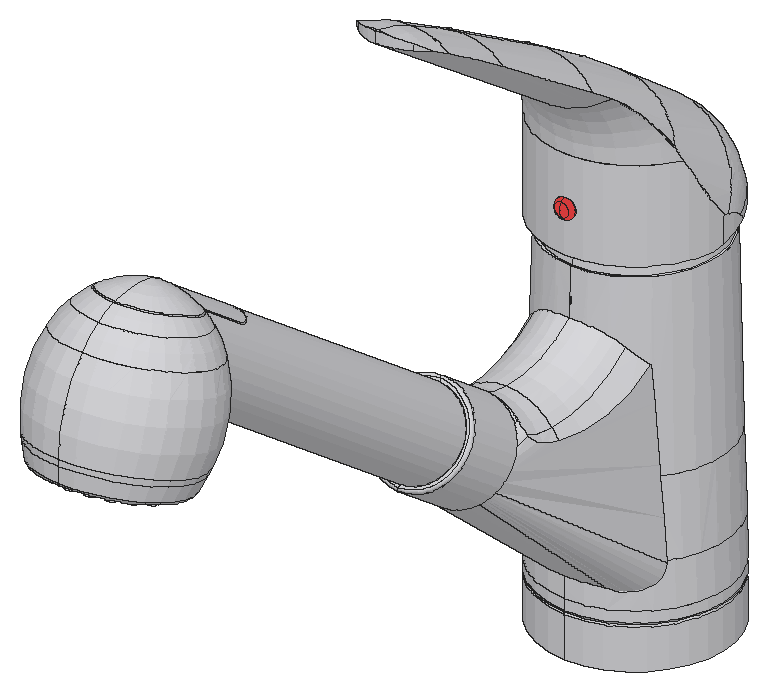
Revit family "Faucet-Kitchen-KOHLER-SOLEO-K-8691T", category Plumbing Fixtures, host Face, Revit 2017
Family settings
  Host = Face
  Round Connector Dimension = Use Diameter
  Part Type = Normal
  OmniClass Number = 23.31.11.00
  OmniClass Title = Faucets
  Cut with Voids When Loaded = No
  Shared = No
  Room Calculation Point = No
Parameters (values of type "CP-Polished Chrome")
  Width = 2 83/256"  # constant formula
  WaterSense Certified = 1 = 0  # no
  Waste Water Outlet = "Waste Water Outlet"  # constant formula
  Waste Connection = 1 = 0  # no
  Vent Connection = 1 = 0  # no
  URL = "http://www.kohler.com.cn/"
  Type = 1
  Spout Reach = 8 167/256"  # constant formula
  Product Page URL = ""
  Product Name = "SOLEO"  # constant formula
  Product Documentation Link = ""
  Pressure = 90.00 psi  # constant formula
  Model = "K-8691T-B-CP"  # constant formula
  Material = "Premium Metal Construction"  # constant formula
  Master Format 2014 Name = "Residential Faucets, Supplies, and Trim"  # constant formula
  Master Format 2014 = "22 41 39"  # constant formula
  Manufacturer Address = "Kohler Beijing Office (100016) 36-2-03-B, No. 88, Liuxiang Road, Beijing"  # constant formula
  Manufacturer = "KOHLER Co."  # constant formula
  Length = Spout Reach  # 8 167/256"
  Hot Water Inlet = "Hot Water Inlet"  # constant formula
  Height = 8 25/32"  # constant formula
  Handle Clearance = 4 1/4"  # constant formula
  HW Connection = 1 = 1  # yes
  Flow Rate = 4.3 GPM  # constant formula
  Finish = Kohler-Metal-CP-Polished_Chrome
  Environmental Product Declaration = ""
  Drain Included = 1 = 0  # no
  Description = "KITCHEN FAUCET W/PULL-OUT SPRAY"  # constant formula
  Default Elevation = 36"
  Declare Label = ""
  Date Modified = "09/06/2021"  # constant formula
  Date Created = "09/06/2021"  # constant formula
  Copyright = "Copyright KOHLER Co."  # constant formula
  Contact Us = "http://www.kohler.com.cn/contact/contact-us/"
  Cold Water Inlet = "Cold Water Inlet"  # constant formula
  CW Connection = 1 = 1  # yes
  Assembly Code = "D2010"
  ADA Compliant = 1 = 0  # no
Reference planes (in)
  plane 1 "Center (Front/Back)": y = 0
  plane 2: z = 0
  plane 3 "Center (Left/Right)": x = 0
  plane 4: x = -1.16142
  plane 5: x = -0.57823
  plane 6: x = 0.57823
  plane 7: x = 1.1628
  plane 8: y = 1.16142
  plane 9: y = -1.16142
  plane 10: y = -4.25
  plane 11: y = -8.65234
  plane 12: y = -9.50787
  plane 13: z = 8.78125
  plane 14: z = 7.51969
  plane 15: through (0, -30.12433, 22.33149) normal (0, -0.5736, -0.8192)
  plane 16: z = 5.3937
  plane 17: through (0, -1.55992, 28.59031) normal (0, -0.9563, 0.2924)
  plane 18: through (0, 13.84652, 28.59031) normal (0, -0.8192, 0.5736)
Dimensions and locks (in)
  "Width": plane 4 to plane 7
  "Handle Clearance": plane 10 to plane 1 "Center (Front/Back)"
  "Height": plane 13 to level
  "Spout Reach": plane 1 "Center (Front/Back)" to plane 11
  plane 16 to level = 5.3937"
  plane 8 to plane 9 = 2.32283"
  plane 14 to level = 7.51969"
  aligned and locked: plane 2 to host face
  aligned and locked: level to host face
Automatic sketch dimensions
  host sketch curve to host sketch curve = 96"  (x2)
Nested families (in)
  nested 1: "K-8691T" at (0, 0, 0), type "K-8691T"
Connectors (in)
  piping at (-0.57823, 0, 0), diameter 0.5, driven by "Flow Rate", driven by "Pressure", driven by "HW Connection", driven by "Hot Water Inlet"
    settings: on nested 1, index 1, connector inside diameter 24", connector length 0", flow factor 0, pipe flow 4.3 GPM, pressure drop 90.00 psi, fitting loss kfactor 0, connector angle 0.00°, fixture units 0, engagement length 0", angle of deflection 0.00°, flow configuration 1, flow direction 1, fitting loss method 4, system type 19, joint type 0, gender type 0, connector reference index -1, connector utility 1, adjustable connector no, is connector primary yes, connector description "Hot Water Inlet"
  piping at (0.57823, 0, 0), diameter 0.5, driven by "Flow Rate", driven by "Pressure", driven by "CW Connection", driven by "Cold Water Inlet"
    settings: on nested 1, index 2, connector inside diameter 24", connector length 0", flow factor 0, pipe flow 4.3 GPM, pressure drop 90.00 psi, fitting loss kfactor 0, connector angle 0.00°, fixture units 0, engagement length 0", angle of deflection 0.00°, flow configuration 1, flow direction 1, fitting loss method 4, system type 20, joint type 0, gender type 0, connector reference index -1, connector utility 1, adjustable connector no, is connector primary no, connector description "Cold Water Inlet"
Definition of nested family "K-8691T"
  Parameters (values of type "K-8691T")
    Material = none
  Reference planes (in)
    plane 1 "Center (Front/Back)": y = 0
    plane 2: z = 0
    plane 3 "Center (Left/Right)": x = 0
    plane 4: z = 8.77953
    plane 5: x = -1.16142
    plane 6: x = 1.16142
    plane 7: y = 1.16142
    plane 8: y = -1.16142
    plane 9: z = 7.51969
    plane 10: z = 5.3937
    plane 11: y = -9.50787
    plane 12: y = -8.65183
    plane 13 "A": through (0, -3.8939, 3.25436) normal (0, 0.8192, -0.5736)
    plane 14: through (0, -3.56013, 3.73104) normal (0, 0.5736, 0.8192)
    plane 15: through (0, -8.65183, 5.3937) normal (0, 0.9563, -0.2924)
    plane 16 "B": through (0, -8.23185, 5.2653) normal (0, 0.2924, 0.9563)
    plane 17: y = -4.24806
    plane 18: z = 7.13971
    plane 19: x = -0.57823
    plane 20: x = 0.57823
  Forms (in)
    Revolve 1, solid, material <- "Material", detail levels medium+fine
      sketch origin (0, 0, 0) x (0, 1, 0) y (0, 0, 1)
        loop
          line (0, 5.23335) -> (0, 0) -> (1.16142, 0) -> (1.16142, 0.52758)
          arc (1.16142, 0.52758) -> (1.1545, 0.54427) -> (1.13781, 0.55118) r 0.0236
          arc (1.13781, 0.55118) -> (1.1545, 0.55809) -> (1.16142, 0.57479) r 0.0236
          line (1.16142, 0.57479) -> (1.16142, 0.71522)
          arc (1.16142, 0.71522) -> (1.15804, 0.9969) -> (1.14791, 1.27842) r 11.74604
          arc (1.14791, 1.27842) -> (1.12888, 1.77571) -> (1.11952, 2.27327) r 25.60573
          arc (1.11952, 2.27327) -> (1.10007, 3.43857) -> (1.06293, 4.60343) r 76.76033
          line (1.06293, 4.60343) -> (1.03047, 4.60343)
          arc (1.03047, 4.60343) -> (0.95244, 4.94521) -> (0.75277, 5.23335) r 0.92452
          line (0.75277, 5.23335) -> (0, 5.23335)
        axis (0, 5.23335) -> (0, 0)
      angle from 0 to 360
    Revolve 2, solid, material <- "Material", detail levels medium+fine
      sketch origin (0, 0, 0) x (0, 1, 0) y (0, 0, 1)
        loop
          line (-2.83549, 3.22364) -> (-2.4687, 3.74747) -> (-3.16209, 4.23299)
          arc (-3.16209, 4.23299) -> (-3.19059, 4.23931) -> (-3.21522, 4.22362) r 0.03815
          line (-3.21522, 4.22362) -> (-3.24735, 4.17774)
          arc (-3.24735, 4.17774) -> (-3.24383, 4.19359) -> (-3.25256, 4.20729) r 0.02122
          line (-3.25256, 4.20729) -> (-7.77226, 7.37201)
          arc (-7.77226, 7.37201) -> (-7.88822, 7.39772) -> (-7.9884, 7.3339) r 0.15519
          line (-7.9884, 7.3339) -> (-8.22434, 6.99695) -> (-2.83549, 3.22364)
        axis (-2.83549, 3.22364) -> (-8.22434, 6.99695)
      angle from 0 to 360
    Revolve 3, solid, material <- "Material", detail levels medium+fine
      sketch origin (0, 0, 0) x (0, 1, 0) y (0, 0, 1)
        loop
          line (-8.64323, 5.42183) -> (-8.00539, 7.50813)
          arc (-8.00539, 7.50813) -> (-8.4389, 7.51314) -> (-8.8419, 7.35328) r 1.12098
          arc (-8.8419, 7.35328) -> (-8.98656, 7.24381) -> (-9.11309, 7.1138) r 1.20137
          arc (-9.11309, 7.1138) -> (-9.40613, 6.60459) -> (-9.50787, 6.02596) r 1.69617
          line (-9.50787, 6.02596) -> (-9.50787, 5.94671)
          arc (-9.50787, 5.94671) -> (-9.5052, 5.83949) -> (-9.4972, 5.73253) r 2.15465
          arc (-9.4972, 5.73253) -> (-9.48784, 5.70997) -> (-9.46755, 5.69637) r 0.0422
          line (-9.46755, 5.69637) -> (-9.38912, 5.67239) -> (-9.37768, 5.70981)
          arc (-9.37768, 5.70981) -> (-9.36621, 5.72372) -> (-9.34826, 5.72545) r 0.02356
          line (-9.34826, 5.72545) -> (-9.02046, 5.62523) -> (-9.03627, 5.57352)
          arc (-9.03627, 5.57352) -> (-9.03406, 5.55055) -> (-9.01625, 5.53587) r 0.03015
          line (-9.01625, 5.53587) -> (-8.64323, 5.42183)
        axis (-8.64323, 5.42183) -> (-8.00539, 7.50813)
      angle from 0 to 360
    Blend 4, solid, material <- "Material", detail levels medium+fine
      base sketch origin (0, -4.1419, 2.90019) x (0, -0.573576, -0.819152) y (-1, 0, 0)
        loop
          arc (-1.44526, 0.47244) -> (-1.65376, 0) -> (-1.44526, -0.47244) r 0.63949
          arc (-1.44526, -0.47244) -> (-1.34085, -0.54981) -> (-1.22296, -0.60448) r 0.63949
          arc (-1.22296, -0.60448) -> (-0.96604, -0.63766) -> (-0.71704, -0.56621) r 0.63949
          arc (-0.71704, -0.56621) -> (-0.61864, -0.50241) -> (-0.53355, -0.42171) r 0.63949
          arc (-0.53355, -0.42171) -> (-0.3748, 0.00177) -> (-0.53588, 0.42436) r 0.63949
          arc (-0.53588, 0.42436) -> (-0.62003, 0.5035) -> (-0.71704, 0.56621) r 0.63949
          arc (-0.71704, 0.56621) -> (-0.96604, 0.63766) -> (-1.22296, 0.60448) r 0.63949
          arc (-1.22296, 0.60448) -> (-1.34085, 0.54981) -> (-1.44526, 0.47244) r 0.63949
      top sketch origin (0, -4.1419, 2.90019) x (0, -0.573576, -0.819152) y (-1, 0, 0)
        loop
          arc (-6.4512, 1.06299) -> (-6.86878, 0.89002) -> (-7.04175, 0.47244) r 0.59055
          line (-7.04175, 0.47244) -> (-7.04175, -0.47244)
          arc (-7.04175, -0.47244) -> (-6.86878, -0.89002) -> (-6.4512, -1.06299) r 0.59055
          line (-6.4512, -1.06299) -> (-0.63108, -1.06299)
          arc (-0.63108, -1.06299) -> (-0.21349, -0.89002) -> (-0.04053, -0.47244) r 0.59055
          line (-0.04053, -0.47244) -> (-0.04053, 0.47244)
          arc (-0.04053, 0.47244) -> (-0.21349, 0.89002) -> (-0.63108, 1.06299) r 0.59055
          line (-0.63108, 1.06299) -> (-6.4512, 1.06299)
      from 0.88462 to 4.7551
    Extrusion 5, void
      sketch origin (0, 0, 0) x (0, 1, 0) y (0, 0, 1)
        loop
          line (0, 6.92774) -> (0, 0) -> (4.91251, 0) -> (4.91251, 6.92774) -> (0, 6.92774)
      from -2.32804 to 2.0403
    Sweep 6, void
      path origin (0, 0, 0) x (0, 1, 0) y (0, 0, 1)
        loop
          arc (-0.65309, 4.60343) -> (-1.2348, 3.89255) -> (-2.12136, 3.65225) r 1.50479
          arc (-2.12136, 3.65225) -> (-2.368, 3.69887) -> (-2.59185, 3.81244) r 0.89088
          line (-2.59185, 3.81244) -> (-3.17108, 4.21802)
      profile origin (0, -2.88147, 4.01523) x (0, -0.573576, -0.819152) y (1, 0, 0)
        loop
          arc (0.64959, -0.86859) -> (0.45823, -0.74348) -> (0.27814, -0.60264) r 2.70301
          arc (0.27814, -0.60264) -> (0.07289, -0.33186) -> (0, 0) r 0.79193
          arc (0, 0) -> (0.07289, 0.33186) -> (0.27814, 0.60264) r 0.79193
          arc (0.27814, 0.60264) -> (0.45823, 0.74348) -> (0.64959, 0.86859) r 2.70301
          line (0.64959, 0.86859) -> (-0.29116, 0.86859) -> (-0.29116, 0) -> (-0.29116, -0.86859) -> (0.64959, -0.86859)
    Extrusion 7, solid, detail levels medium+fine
      sketch origin (0, 0.76849, 2.51362) x (0, 0.956305, -0.292372) y (-1, 0, 0)
        loop
          circle (-10.55075, 0) r 0.05705
        loop
          circle (-10.40414, 0.09241) r 0.05705
        loop
          circle (-10.50685, 0.22587) r 0.05705
        loop
          circle (-10.34233, 0.26996) r 0.05705
        loop
          circle (-10.41159, 0.42553) r 0.05705
        loop
          circle (-10.23575, 0.41938) r 0.05705
        loop
          circle (-10.23575, 0.58462) r 0.05705
        loop
          circle (-10.08576, 0.52402) r 0.05705
        loop
          circle (-10.04526, 0.68646) r 0.05705
        loop
          circle (-9.91443, 0.56438) r 0.05705
        loop
          circle (-9.78971, 0.69505) r 0.05705
        loop
          circle (-9.74555, 0.53002) r 0.05705
        loop
          circle (-9.60432, 0.63565) r 0.05705
        loop
          circle (-9.5612, 0.48701) r 0.05705
        loop
          circle (-9.40759, 0.54238) r 0.05705
        loop
          circle (-9.40759, 0.37443) r 0.05705
        loop
          circle (-9.2424, 0.37443) r 0.05705
        loop
          circle (-9.30612, 0.212) r 0.05705
        loop
          circle (-9.15372, 0.14423) r 0.05705
        loop
          circle (-9.26835, -0.00895) r 0.05705
        loop
          circle (-10.40414, -0.09241) r 0.05705
        loop
          circle (-10.50685, -0.22587) r 0.05705
        loop
          circle (-10.34233, -0.26996) r 0.05705
        loop
          circle (-10.41159, -0.42553) r 0.05705
        loop
          circle (-10.23575, -0.41938) r 0.05705
        loop
          circle (-10.23575, -0.58462) r 0.05705
        loop
          circle (-10.08576, -0.52402) r 0.05705
        loop
          circle (-10.04526, -0.68646) r 0.05705
        loop
          circle (-9.91443, -0.56438) r 0.05705
        loop
          circle (-9.78971, -0.69505) r 0.05705
        loop
          circle (-9.74555, -0.53002) r 0.05705
        loop
          circle (-9.60432, -0.63565) r 0.05705
        loop
          circle (-9.5612, -0.48701) r 0.05705
        loop
          circle (-9.40759, -0.54238) r 0.05705
        loop
          circle (-9.40759, -0.37443) r 0.05705
        loop
          circle (-9.2424, -0.37443) r 0.05705
        loop
          circle (-9.30612, -0.212) r 0.05705
        loop
          circle (-9.15372, -0.13192) r 0.05705
      from 0 to 0.14495
    Sweep 8, solid, material <- "Material", detail levels medium+fine
      path origin (0, 0, 0) x (0, 1, 0) y (0, 0, 1)
        loop
          line (-1.16142, 4.7806) -> (-1.16142, 5.97354)
          arc (-1.16142, 5.97354) -> (-1.25966, 6.40218) -> (-1.53478, 6.74526) r 0.98425
          arc (-1.53478, 6.74526) -> (-3.42166, 8.10379) -> (-5.42439, 9.28489) r 25.51323
      profile origin (0, -1.16142, 5.37707) x (0, -1, 0) y (1, 0, 0)
        loop
          circle (-1.16142, 0) r 1.16142
    Sweep 9, void
      path origin (0, 0, 0) x (0, 1, 0) y (0, 0, 1)
        loop
          arc (-4.71162, 8.82667) -> (-4.47866, 8.81467) -> (-4.24806, 8.77953) r 2.33936
          arc (-4.24806, 8.77953) -> (-3.96296, 8.70238) -> (-3.68985, 8.58992) r 2.33936
          arc (-3.68985, 8.58992) -> (-3.26857, 8.37434) -> (-2.85588, 8.14274) r 12.32371
          arc (-2.85588, 8.14274) -> (-2.18018, 7.75271) -> (-1.49903, 7.37228) r 55.09317
          arc (-1.49903, 7.37228) -> (-0.86548, 6.99578) -> (-0.25891, 6.5772) r 10.86443
          arc (-0.25891, 6.5772) -> (0.18727, 6.24864) -> (0.63558, 5.92298) r 85.49734
          arc (0.63558, 5.92298) -> (0.96555, 5.55886) -> (1.11879, 5.09198) r 1.1811
          arc (1.11879, 5.09198) -> (1.12861, 4.97055) -> (1.13189, 4.84877) r 2.26496
          line (1.13189, 4.84877) -> (1.13189, 4.63536)
      profile origin (0, 1.13189, 4.74206) x (1, 0, 0) y (0, 1, 0)
        loop
          arc (-1.17442, -1.13189) -> (-0.8176, -0.32518) -> (0, 0.00592) r 1.175
          arc (0, 0.00592) -> (0.8176, -0.32518) -> (1.17442, -1.13189) r 1.175
          line (1.17442, -1.13189) -> (1.17442, 0.15786) -> (-1.17442, 0.15786) -> (-1.17442, -1.13189)
    Extrusion 10, void
      sketch origin (0, 0, 0) x (0, 1, 0) y (0, 0, 1)
        loop
          arc (-3.66164, 8.64776) -> (-3.23816, 8.43105) -> (-2.82331, 8.19825) r 12.38807
          arc (-2.82331, 8.19825) -> (-2.1484, 7.80867) -> (-1.46805, 7.42869) r 55.02881
          arc (-1.46805, 7.42869) -> (-0.83075, 7.04996) -> (-0.22059, 6.6289) r 10.92878
          arc (-0.22059, 6.6289) -> (0.22527, 6.30059) -> (0.67323, 5.97517) r 85.43299
          arc (0.67323, 5.97517) -> (0.96361, 5.68112) -> (1.14179, 5.30825) r 1.24546
          line (1.14179, 5.30825) -> (1.45329, 5.11276) -> (0.99113, 8.87671) -> (-4.87479, 11.73772) -> (-5.85912, 9.71954) -> (-3.66164, 8.64776)
      from -1.46946 to 1.4685
    Extrusion 11, void
      sketch origin (0, 0, 0) x (1, 0, 0) y (0, 1, 0)
        loop
          arc (-0.37216, -4.1159) -> (-0.59675, -3.82327) -> (-0.74612, -3.48599) r 1.55555
          line (-0.74612, -3.48599) -> (-0.84455, -3.48599) -> (-0.84455, -5.62674) -> (0.84455, -5.62674) -> (0.84455, -3.48599) -> (0.74612, -3.48599)
          arc (0.74612, -3.48599) -> (0.59675, -3.82327) -> (0.37216, -4.1159) r 1.55555
          arc (0.37216, -4.1159) -> (0.20192, -4.23187) -> (0, -4.27266) r 0.52014
          arc (0, -4.27266) -> (-0.20192, -4.23187) -> (-0.37216, -4.1159) r 0.52014
      from 7.8956 to 9.84252
    Extrusion 12, void
      sketch origin (0, 0, 0) x (0, 1, 0) y (0, 0, 1)
        loop
          line (1.16142, 5.05989) -> (-0.18736, 4.7732) -> (1.16142, 4.7732) -> (1.16142, 5.05989)
      from -1.73228 to 1.73228
    Revolve 13, void
      sketch origin (0, 0, 0) x (0, 1, 0) y (0, 0, 1)
        loop
          line (-1.04723, 5.33178) -> (-1.04723, 5.46095) -> (-1.26605, 5.46095) -> (-1.26605, 5.33178) -> (-1.04723, 5.33178)
        axis (-1.04723, 5.33178) -> (-1.26605, 5.33178)
      angle from 0 to 360
    Revolve 14, solid, detail levels medium+fine
      sketch origin (0, 0, 0) x (0, 1, 0) y (0, 0, 1)
        loop
          line (-1.04723, 5.33178) -> (-1.04723, 5.46095) -> (-1.15748, 5.46095)
          arc (-1.15748, 5.46095) -> (-1.19234, 5.45173) -> (-1.21807, 5.42648) r 0.07048
          arc (-1.21807, 5.42648) -> (-1.23746, 5.38088) -> (-1.24408, 5.33178) r 0.18539
          line (-1.24408, 5.33178) -> (-1.04723, 5.33178)
        axis (-1.04723, 5.33178) -> (-1.24408, 5.33178)
      angle from 0 to 360
    Extrusion 15, void
      sketch origin (0, 0.19198, 2.68988) x (0, 0.956305, -0.292372) y (-1, 0, 0)
        loop
          line (-8.01378, 0.35291) -> (-8.64043, 0.35291)
          arc (-8.64043, 0.35291) -> (-8.71095, 0.36751) -> (-8.76988, 0.4089) r 0.17764
          arc (-8.76988, 0.4089) -> (-8.94095, 0.53095) -> (-9.14574, 0.57808) r 0.53752
          arc (-9.14574, 0.57808) -> (-9.35269, 0.55058) -> (-9.5402, 0.45876) r 0.64876
          arc (-9.5402, 0.45876) -> (-9.71448, 0.25819) -> (-9.77725, 0) r 0.56245
          arc (-9.77725, 0) -> (-9.71448, -0.25819) -> (-9.5402, -0.45876) r 0.56245
          arc (-9.5402, -0.45876) -> (-9.35269, -0.55058) -> (-9.14574, -0.57808) r 0.64876
          arc (-9.14574, -0.57808) -> (-8.94095, -0.53095) -> (-8.76988, -0.4089) r 0.53752
          arc (-8.76988, -0.4089) -> (-8.71095, -0.36751) -> (-8.64043, -0.35291) r 0.17764
          line (-8.64043, -0.35291) -> (-8.01378, -0.35291)
          arc (-8.01378, -0.35291) -> (-7.66087, 0) -> (-8.01378, 0.35291) r 0.35291
        loop
          line (-8.01378, 0.3726) -> (-8.64043, 0.3726)
          arc (-8.64043, 0.3726) -> (-8.70314, 0.38558) -> (-8.75554, 0.42238) r 0.15795
          arc (-8.75554, 0.42238) -> (-8.93287, 0.5489) -> (-9.14516, 0.59776) r 0.55721
          arc (-9.14516, 0.59776) -> (-9.35839, 0.56942) -> (-9.55159, 0.47482) r 0.66845
          arc (-9.55159, 0.47482) -> (-9.73197, 0.26723) -> (-9.79693, 0) r 0.58214
          arc (-9.79693, 0) -> (-9.73197, -0.26723) -> (-9.55159, -0.47482) r 0.58214
          arc (-9.55159, -0.47482) -> (-9.35839, -0.56942) -> (-9.14516, -0.59776) r 0.66845
          arc (-9.14516, -0.59776) -> (-8.93287, -0.5489) -> (-8.75554, -0.42238) r 0.55721
          arc (-8.75554, -0.42238) -> (-8.70314, -0.38558) -> (-8.64043, -0.3726) r 0.15795
          line (-8.64043, -0.3726) -> (-8.01378, -0.3726)
          arc (-8.01378, -0.3726) -> (-7.64118, 0) -> (-8.01378, 0.3726) r 0.3726
      from 1.49722 to 2.60834
    Revolve 16, solid, material <- "Material", detail levels coarse
      sketch origin (0, 0, 0) x (0, 1, 0) y (0, 0, 1)
        loop
          line (0, 5.23902) -> (0, 0) -> (1.16142, 0) -> (1.16142, 4.60343) -> (1.02996, 4.60343)
          arc (1.02996, 4.60343) -> (1.02361, 4.6983) -> (1.00466, 4.79148) r 0.71106
          arc (1.00466, 4.79148) -> (0.9138, 5.02675) -> (0.77759, 5.23902) r 1.25099
          line (0.77759, 5.23902) -> (0, 5.23902)
        axis (0, 5.23902) -> (0, 0)
      angle from 0 to 360
    Sweep 17, solid, material <- "Material", detail levels coarse
      path origin (0, 0, 0) x (0, 1, 0) y (0, 0, 1)
        loop
          line (-1.16142, 4.7806) -> (-1.16142, 5.88621)
          arc (-1.16142, 5.88621) -> (-1.28315, 6.40846) -> (-1.62326, 6.82305) r 1.1811
          arc (-1.62326, 6.82305) -> (-2.9113, 7.75763) -> (-4.24806, 8.62111) r 29.38442
      profile origin (0, -1.16142, 5.33341) x (0, -1, 0) y (1, 0, 0)
        loop
          circle (-1.16142, 0) r 1.16142
    Extrusion 18, void
      sketch origin (0, 0, 0) x (0, 1, 0) y (0, 0, 1)
        loop
          line (1.73764, 4.89524) -> (1.73764, 11.80554) -> (-4.95528, 11.80554) -> (-4.95528, 9.06656)
          arc (-4.95528, 9.06656) -> (-1.40501, 7.30791) -> (1.73764, 4.89524) r 20.36904
        loop
          line (1.32802, 5.0953) -> (-0.15255, 4.7806) -> (1.32802, 4.7806) -> (1.32802, 5.0953)
      from -2.1722 to 2.49236
    Revolve 19, solid, material <- "Material", detail levels coarse
      sketch origin (0, 0, 0) x (0, 1, 0) y (0, 0, 1)
        loop
          line (-0.64618, 1.69067) -> (-0.20974, 2.31337) -> (-3.12397, 4.35394) -> (-3.23535, 4.19487) -> (-7.84794, 7.42464) -> (-8.17272, 6.96081) -> (-0.64618, 1.69067)
        axis (-0.6459, 1.69047) -> (-8.17272, 6.96081)
      angle from 0 to 360
    Revolve 20, solid, material <- "Material", detail levels coarse
      sketch origin (0, 0, 0) x (0, 1, 0) y (0, 0, 1)
        loop
          line (-8.55648, 5.70557) -> (-7.99967, 7.52683) -> (-8.50555, 7.68149)
          arc (-8.50555, 7.68149) -> (-8.84621, 7.64869) -> (-9.06389, 7.38461) r 0.44715
          line (-9.06389, 7.38461) -> (-9.57691, 5.70662) -> (-9.27796, 5.61522) -> (-9.19102, 5.89957) -> (-8.55648, 5.70557)
        axis (-8.64342, 5.42122) -> (-7.99967, 7.52683)
      angle from 0 to 360
    Extrusion 21, solid, material <- "Material", detail levels medium+fine
      sketch origin (0, 0, 0) x (1, 0, 0) y (0, 1, 0)
        loop
          circle (-0.57823, 0) r 0.11811
        loop
          circle (0.57823, 0) r 0.11811
      from 0 to 0.20991
  Cuts and joins
    Extrusion 15 cuts Revolve 2
    Extrusion 15 cuts Revolve 3
    joined: Revolve 2, Revolve 3
    Extrusion 5, Sweep 6 cuts Blend 4
    Sweep 9, Extrusion 10, Extrusion 11, Extrusion 12, Revolve 13 cuts Sweep 8
    joined: Revolve 1, Blend 4, Sweep 8
    Extrusion 18 cuts Sweep 17
    joined: Revolve 16, Sweep 17, Revolve 19, Revolve 20
  Lines and regions (in)
    Masking region 1
      outline origin (0, 0, 0) x (0, 1, 0) y (0, 0, 1)
        loop
          line (1.16142, 0) -> (1.16142, 0.52642)
          arc (1.16142, 0.52642) -> (1.15417, 0.54393) -> (1.13666, 0.55118) r 0.02476
          arc (1.13666, 0.55118) -> (1.15417, 0.55843) -> (1.16142, 0.57594) r 0.02476
          line (1.16142, 0.57594) -> (1.16142, 0.62166)
          arc (1.16142, 0.62166) -> (1.15773, 1.01357) -> (1.14665, 1.40535) r 20.80749
          arc (1.14665, 1.40535) -> (1.11651, 2.40609) -> (1.10149, 3.40716) r 66.24764
          arc (1.10149, 3.40716) -> (1.08962, 4.00556) -> (1.06293, 4.60348) r 24.16209
          line (1.06293, 4.60348) -> (1.02996, 4.60348)
          arc (1.02996, 4.60348) -> (1.02361, 4.69833) -> (1.00466, 4.79148) r 0.71106
          arc (1.00466, 4.79148) -> (0.96868, 4.90221) -> (0.92257, 5.00912) r 1.25099
          line (0.92257, 5.00912) -> (1.12871, 5.05294)
          arc (1.12871, 5.05294) -> (1.07388, 5.33526) -> (0.94731, 5.59351) r 1.09293
          arc (0.94731, 5.59351) -> (0.82684, 5.7508) -> (0.68672, 5.89087) r 1.50279
          arc (0.68672, 5.89087) -> (-0.07035, 6.49123) -> (-0.88231, 7.01498) r 9.90557
          arc (-0.88231, 7.01498) -> (-1.38901, 7.30873) -> (-1.89496, 7.60379) r 227.85309
          arc (-1.89496, 7.60379) -> (-2.68044, 8.05321) -> (-3.47435, 8.48758) r 47.45411
          arc (-3.47435, 8.48758) -> (-3.71152, 8.6098) -> (-3.95231, 8.72474) r 8.75133
          arc (-3.95231, 8.72474) -> (-4.0594, 8.76221) -> (-4.17159, 8.7791) r 0.60721
          arc (-4.17159, 8.7791) -> (-4.2254, 8.75941) -> (-4.24806, 8.7068) r 0.07242
          line (-4.24806, 8.7068) -> (-4.24806, 8.63876)
          arc (-4.24806, 8.63876) -> (-4.24403, 8.62338) -> (-4.23298, 8.61193) r 0.03141
          arc (-4.23298, 8.61193) -> (-3.23523, 7.97638) -> (-2.26387, 7.30118) r 29.38442
          arc (-2.26387, 7.30118) -> (-1.89618, 7.02606) -> (-1.53679, 6.74019) r 15.51708
          arc (-1.53679, 6.74019) -> (-1.4503, 6.66315) -> (-1.3704, 6.5793) r 1.41605
          arc (-1.3704, 6.5793) -> (-1.27064, 6.43303) -> (-1.20814, 6.26738) r 0.7464
          arc (-1.20814, 6.26738) -> (-1.17314, 6.07658) -> (-1.16142, 5.88296) r 1.60481
          line (-1.16142, 5.88296) -> (-1.16142, 5.46194)
          arc (-1.16142, 5.46194) -> (-1.19114, 5.45479) -> (-1.21369, 5.43415) r 0.06115
          arc (-1.21369, 5.43415) -> (-1.23632, 5.38517) -> (-1.24408, 5.33178) r 0.18764
          arc (-1.24408, 5.33178) -> (-1.23632, 5.27839) -> (-1.21369, 5.22941) r 0.18764
          arc (-1.21369, 5.22941) -> (-1.19114, 5.20877) -> (-1.16142, 5.20162) r 0.06115
          line (-1.16142, 5.20162) -> (-1.16142, 4.7806) -> (-0.99338, 4.7806)
          arc (-0.99338, 4.7806) -> (-1.01217, 4.69235) -> (-1.0278, 4.60348) r 2.52979
          line (-1.0278, 4.60348) -> (-1.06431, 4.60348)
          arc (-1.06431, 4.60348) -> (-1.07696, 4.51924) -> (-1.09438, 4.43585) r 1.49971
          arc (-1.09438, 4.43585) -> (-1.17054, 4.21586) -> (-1.28848, 4.01514) r 1.17791
          arc (-1.28848, 4.01514) -> (-1.35165, 3.94165) -> (-1.4257, 3.87912) r 0.60802
          arc (-1.4257, 3.87912) -> (-1.74817, 3.71526) -> (-2.10483, 3.65493) r 1.20001
          arc (-2.10483, 3.65493) -> (-2.26121, 3.66893) -> (-2.41118, 3.71541) r 0.74477
          arc (-2.41118, 3.71541) -> (-2.44076, 3.72997) -> (-2.4687, 3.74747) r 0.32222
          line (-2.4687, 3.74747) -> (-3.16159, 4.23264)
          arc (-3.16159, 4.23264) -> (-3.19055, 4.23906) -> (-3.21557, 4.22312) r 0.03876
          line (-3.21557, 4.22312) -> (-3.24587, 4.17985)
          arc (-3.24587, 4.17985) -> (-3.24516, 4.19546) -> (-3.2543, 4.20813) r 0.02375
          line (-3.2543, 4.20813) -> (-7.50395, 7.18377)
          arc (-7.50395, 7.18377) -> (-7.58391, 7.24231) -> (-7.66133, 7.30416) r 2.35339
          arc (-7.66133, 7.30416) -> (-7.87985, 7.4425) -> (-8.1267, 7.51969) r 0.99236
          line (-8.1267, 7.51969) -> (-8.43269, 7.51969)
          arc (-8.43269, 7.51969) -> (-8.85556, 7.36259) -> (-9.17873, 7.04786) r 1.09104
          arc (-9.17873, 7.04786) -> (-9.42377, 6.53113) -> (-9.50787, 5.96546) r 1.94434
          line (-9.50787, 5.96546) -> (-9.50787, 5.85388)
          arc (-9.50787, 5.85388) -> (-9.50656, 5.79527) -> (-9.50261, 5.73677) r 1.30637
          arc (-9.50261, 5.73677) -> (-9.49261, 5.71214) -> (-9.47056, 5.69729) r 0.04556
          line (-9.47056, 5.69729) -> (-9.36149, 5.66394) -> (-9.37638, 5.61522) -> (-7.93115, 5.17337) -> (-7.91626, 5.22209) -> (-7.81129, 5.19)
          arc (-7.81129, 5.19) -> (-7.77989, 5.18991) -> (-7.75371, 5.20723) r 0.05423
          arc (-7.75371, 5.20723) -> (-7.66399, 5.32301) -> (-7.58219, 5.44452) r 2.19729
          arc (-7.58219, 5.44452) -> (-7.37425, 5.58861) -> (-7.12658, 5.53705) r 0.32057
          line (-7.12658, 5.53705) -> (-3.90385, 3.28047)
          arc (-3.90385, 3.28047) -> (-3.88882, 3.27622) -> (-3.8744, 3.28222) r 0.02375
          line (-3.8744, 3.28222) -> (-3.90469, 3.23895)
          arc (-3.90469, 3.23895) -> (-3.91112, 3.20999) -> (-3.89518, 3.18497) r 0.03876
          line (-3.89518, 3.18497) -> (-3.20229, 2.6998)
          arc (-3.20229, 2.6998) -> (-2.82952, 2.43791) -> (-2.45757, 2.17485) r 144.65036
          arc (-2.45757, 2.17485) -> (-1.79386, 1.57448) -> (-1.28916, 0.83539) r 3.79578
          arc (-1.28916, 0.83539) -> (-1.22376, 0.70642) -> (-1.16142, 0.57594) r 6.1601
          arc (-1.16142, 0.57594) -> (-1.15417, 0.55843) -> (-1.13666, 0.55118) r 0.02476
          arc (-1.13666, 0.55118) -> (-1.15417, 0.54393) -> (-1.16142, 0.52642) r 0.02476
          line (-1.16142, 0.52642) -> (-1.16142, 0) -> (1.16142, 0)
    Masking region 2
      outline origin (0, 0, 0) x (1, 0, 0) y (0, 1, 0)
        loop
          arc (0, 1.16142) -> (-0.82125, 0.82125) -> (-1.16142, 0) r 1.16142
          arc (-1.16142, 0) -> (-1.12572, -0.28575) -> (-1.02081, -0.55392) r 1.16142
          arc (-1.02081, -0.55392) -> (-0.93479, -0.85628) -> (-0.85921, -1.16142) r 9.13576
          arc (-0.85921, -1.16142) -> (-0.78138, -1.56374) -> (-0.73146, -1.97047) r 5.94245
          arc (-0.73146, -1.97047) -> (-0.69675, -2.33336) -> (-0.65642, -2.69567) r 23.55588
          arc (-0.65642, -2.69567) -> (-0.64579, -2.8148) -> (-0.64225, -2.93436) r 2.01743
          line (-0.64225, -2.93436) -> (-0.64225, -3.52326)
          arc (-0.64225, -3.52326) -> (-0.6228, -3.62309) -> (-0.56731, -3.70833) r 0.26601
          line (-0.56731, -3.70833) -> (-0.56731, -7.10737)
          arc (-0.56731, -7.10737) -> (-0.62357, -7.39316) -> (-0.78395, -7.63632) r 0.75407
          arc (-0.78395, -7.63632) -> (-1.01456, -8.83288) -> (0, -9.50787) r 1.09997
          arc (0, -9.50787) -> (1.01447, -8.83309) -> (0.78427, -7.63664) r 1.09997
          arc (0.78427, -7.63664) -> (0.62365, -7.39297) -> (0.56731, -7.10661) r 0.75591
          line (0.56731, -7.10661) -> (0.56731, -3.70833)
          arc (0.56731, -3.70833) -> (0.6228, -3.62309) -> (0.64225, -3.52326) r 0.26601
          line (0.64225, -3.52326) -> (0.64225, -2.93436)
          arc (0.64225, -2.93436) -> (0.64579, -2.8148) -> (0.65642, -2.69567) r 2.01743
          arc (0.65642, -2.69567) -> (0.69675, -2.33336) -> (0.73146, -1.97047) r 23.55588
          arc (0.73146, -1.97047) -> (0.78138, -1.56374) -> (0.85921, -1.16142) r 5.94245
          arc (0.85921, -1.16142) -> (0.93479, -0.85628) -> (1.02081, -0.55392) r 9.13576
          arc (1.02081, -0.55392) -> (1.12572, -0.28575) -> (1.16142, 0) r 1.16142
          arc (1.16142, 0) -> (0.82125, 0.82125) -> (0, 1.16142) r 1.16142
    Masking region 3
      outline origin (0, 0, 0) x (1, 0, 0) y (0, 0, 1)
        loop
          line (-1.16142, 0) -> (1.16142, 0) -> (1.16142, 0.52566)
          arc (1.16142, 0.52566) -> (1.15391, 0.54378) -> (1.13578, 0.55129) r 0.02563
          arc (1.13578, 0.55129) -> (1.15391, 0.5588) -> (1.16142, 0.57692) r 0.02563
          line (1.16142, 0.57692) -> (1.16142, 0.84668)
          arc (1.16142, 0.84668) -> (1.13679, 2.7257) -> (1.06293, 4.60343) r 71.69992
          line (1.06293, 4.60343) -> (1.03047, 4.60343)
          arc (1.03047, 4.60343) -> (1.02388, 4.69284) -> (1.00557, 4.7806) r 0.67979
          line (1.00557, 4.7806) -> (1.13496, 4.7806)
          arc (1.13496, 4.7806) -> (1.15367, 4.78835) -> (1.16142, 4.80705) r 0.02646
          line (1.16142, 4.80705) -> (1.16142, 5.11507)
          arc (1.16142, 5.11507) -> (1.13457, 5.52952) -> (1.05447, 5.93705) r 3.21218
          arc (1.05447, 5.93705) -> (1.05525, 6.43412) -> (0.91749, 6.91172) r 1.76609
          arc (0.91749, 6.91172) -> (0.83669, 7.05604) -> (0.73179, 7.1839) r 0.93721
          spline (0.73179, 7.1839) -> (0.71994, 7.25237) -> (0.70851, 7.32071) -> (0.69748, 7.38893) -> (0.68686, 7.45702) -> (0.67666, 7.52497) -> (0.66687, 7.5928) -> (0.65749, 7.6605) -> (0.64852, 7.72807) -> (0.63996, 7.79551) -> (0.63182, 7.86281) -> (0.62408, 7.92998) -> (0.61676, 7.99701)
          spline (0.61676, 7.99701) -> (0.61264, 8.03855) -> (0.60821, 8.07978) -> (0.60346, 8.12068) -> (0.5984, 8.16127) -> (0.59303, 8.20154) -> (0.58735, 8.24149) -> (0.58135, 8.28112) -> (0.57504, 8.32042) -> (0.56843, 8.35939) -> (0.56149, 8.39804) -> (0.55425, 8.43636) -> (0.5467, 8.47435)
          spline (0.5467, 8.47435) -> (0.54472, 8.48364) -> (0.54256, 8.49284) -> (0.54025, 8.50196) -> (0.53777, 8.511) -> (0.53512, 8.51994) -> (0.5323, 8.5288) -> (0.52933, 8.53757) -> (0.52618, 8.54625) -> (0.52288, 8.55484) -> (0.51941, 8.56334) -> (0.51577, 8.57174) -> (0.51197, 8.58006)
          arc (0.51197, 8.58006) -> (0.27473, 8.7279) -> (0, 8.77953) r 0.75677
          arc (0, 8.77953) -> (-0.27473, 8.7279) -> (-0.51197, 8.58006) r 0.75677
          spline (-0.51197, 8.58006) -> (-0.51577, 8.57174) -> (-0.51941, 8.56334) -> (-0.52288, 8.55484) -> (-0.52618, 8.54625) -> (-0.52933, 8.53757) -> (-0.5323, 8.5288) -> (-0.53512, 8.51994) -> (-0.53777, 8.511) -> (-0.54025, 8.50196) -> (-0.54256, 8.49284) -> (-0.54472, 8.48364) -> (-0.5467, 8.47435)
          spline (-0.5467, 8.47435) -> (-0.55425, 8.43636) -> (-0.56149, 8.39804) -> (-0.56843, 8.35939) -> (-0.57504, 8.32042) -> (-0.58135, 8.28112) -> (-0.58735, 8.24149) -> (-0.59303, 8.20154) -> (-0.5984, 8.16127) -> (-0.60346, 8.12068) -> (-0.60821, 8.07978) -> (-0.61264, 8.03855) -> (-0.61676, 7.99701)
          spline (-0.61676, 7.99701) -> (-0.62408, 7.92998) -> (-0.63182, 7.86281) -> (-0.63996, 7.79551) -> (-0.64852, 7.72807) -> (-0.65749, 7.6605) -> (-0.66687, 7.5928) -> (-0.67666, 7.52497) -> (-0.68686, 7.45702) -> (-0.69748, 7.38893) -> (-0.70851, 7.32071) -> (-0.71994, 7.25237) -> (-0.73179, 7.1839)
          arc (-0.73179, 7.1839) -> (-0.83669, 7.05604) -> (-0.91749, 6.91172) r 0.93721
          arc (-0.91749, 6.91172) -> (-1.05525, 6.43412) -> (-1.05447, 5.93705) r 1.76609
          arc (-1.05447, 5.93705) -> (-1.13457, 5.52952) -> (-1.16142, 5.11507) r 3.21218
          line (-1.16142, 5.11507) -> (-1.16142, 4.80705)
          arc (-1.16142, 4.80705) -> (-1.15367, 4.78835) -> (-1.13496, 4.7806) r 0.02646
          line (-1.13496, 4.7806) -> (-1.00557, 4.7806)
          arc (-1.00557, 4.7806) -> (-1.02388, 4.69284) -> (-1.03047, 4.60343) r 0.67979
          line (-1.03047, 4.60343) -> (-1.06293, 4.60343)
          arc (-1.06293, 4.60343) -> (-1.13679, 2.7257) -> (-1.16142, 0.84668) r 71.69992
          line (-1.16142, 0.84668) -> (-1.16142, 0.57692)
          arc (-1.16142, 0.57692) -> (-1.15391, 0.5588) -> (-1.13578, 0.55129) r 0.02563
          arc (-1.13578, 0.55129) -> (-1.15391, 0.54378) -> (-1.16142, 0.52566) r 0.02563
          line (-1.16142, 0.52566) -> (-1.16142, 0)
    symbolic lines, detail levels medium+fine
      curve 1: line (0, 1.03047, 4.60343) -> (0, -1.03047, 4.60343)
      curve 2: line (0, -0.99338, 4.7806) -> (0, -0.15255, 4.7806)
      curve 3: line (0, 0.92257, 5.00912) -> (0, -0.15255, 4.7806)
      curve 4: spline (0, -3.74642, 8.47393) -> (0, -3.67846, 8.43597) -> (0, -3.61064, 8.39769) -> (0, -3.54298, 8.35907) -> (0, -3.47548, 8.32013) -> (0, -3.40813, 8.28086) -> (0, -3.34095, 8.24127) -> (0, -3.27393, 8.20136) -> (0, -3.20708, 8.16113) -> (0, -3.14039, 8.12057) -> (0, -3.07388, 8.0797) -> (0, -3.00754, 8.03851) -> (0, -2.94138, 7.99701)
      curve 5: arc (0, -4.24806, 8.7068) -> (0, -3.99303, 8.59944) -> (0, -3.74642, 8.47393) r 3.824
      curve 6: line (0, -1.16142, 5.20162) -> (0, -1.16142, 5.46194)
      curve 7: arc (0, -2.94138, 7.99701) -> (0, -2.23227, 7.54364) -> (0, -1.52892, 7.08139) r 66.87708
      curve 8: arc (0, -1.52892, 7.08139) -> (0, -0.95146, 6.58851) -> (0, -0.50626, 5.97354) r 3.20232
      curve 9: arc (0, -0.50626, 5.97354) -> (0, -0.26366, 5.39656) -> (0, -0.15255, 4.7806) r 2.85659
      curve 10: line (0, 1.13781, 0.55118) -> (0, -1.13781, 0.55118)
      curve 11: line (0, -3.24587, 4.17985) -> (0, -3.8744, 3.28222)
      curve 12: line (0, -7.91626, 5.22209) -> (0, -9.36149, 5.66394)
      curve 13: line (0, -9.33381, 5.6022) -> (0, -9.31892, 5.65093)
      curve 14: line (0, -9.24272, 5.57435) -> (0, -9.22782, 5.62308)
      curve 15: line (0, -9.13361, 5.541) -> (0, -9.11871, 5.58972)
      curve 16: line (0, -9.07456, 5.52294) -> (0, -9.05966, 5.57166)
      curve 17: line (0, -8.96545, 5.48958) -> (0, -8.95055, 5.53831)
      curve 18: line (0, -8.93112, 5.47909) -> (0, -8.91623, 5.52781)
      curve 19: line (0, -8.89239, 5.46725) -> (0, -8.8775, 5.51597)
      curve 20: line (0, -8.78328, 5.43389) -> (0, -8.76839, 5.48261)
      curve 21: line (0, -8.76728, 5.429) -> (0, -8.75238, 5.47772)
      curve 22: line (0, -8.65817, 5.39564) -> (0, -8.64327, 5.44436)
      curve 23: line (0, -8.64801, 5.39253) -> (0, -8.63311, 5.44126)
      curve 24: line (0, -8.5389, 5.35917) -> (0, -8.524, 5.4079)
      curve 25: line (0, -8.49667, 5.34626) -> (0, -8.48177, 5.39499)
      curve 26: line (0, -8.47072, 5.33833) -> (0, -8.45583, 5.38705)
      curve 27: line (0, -8.36161, 5.30497) -> (0, -8.34672, 5.3537)
      curve 28: line (0, -8.32038, 5.29236) -> (0, -8.30548, 5.34109)
      curve 29: line (0, -8.28259, 5.28081) -> (0, -8.26769, 5.32954)
      curve 30: line (0, -8.17348, 5.24745) -> (0, -8.15859, 5.29618)
      curve 31: line (0, -8.12462, 5.23252) -> (0, -8.10972, 5.28124)
      curve 32: line (0, -8.01551, 5.19916) -> (0, -8.00061, 5.24788)
      curve 33: line (0, -7.12658, 5.53705) -> (0, -7.20253, 5.96775)
      curve 34: line (0, -7.58219, 5.44452) -> (0, -7.62722, 5.6999)
      curve 35: arc (0, -7.62722, 5.6999) -> (0, -7.66685, 6.37515) -> (0, -7.55028, 7.04144) r 2.92432
      curve 36: arc (0, -7.20253, 5.96775) -> (0, -7.30577, 6.47049) -> (0, -7.43702, 6.96666) r 9.15909
      curve 37: line (0, -3.56013, 3.73104) -> (0, -2.78232, 3.18588)
      curve 38: arc (0, -0.39143, 1.18314) -> (0, -0.15916, 0.8898) -> (0, 0, 0.55118) r 1.62797
      curve 39: line (0, 0, 4.26875) -> (0, 0, 4.60343)
      curve 40: arc (0, 0, 4.26875) -> (0, -0.18571, 3.57788) -> (0, -0.69277, 3.07323) r 1.37795
      curve 41: line (0, -2.41118, 3.71541) -> (0, -3.14911, 2.66255)
      curve 42: arc (0, -2.82552, 3.12424) -> (0, -1.55372, 2.22235) -> (0, -0.39143, 1.18314) r 13.84023
      curve 43: arc (0, -0.69277, 3.07323) -> (0, -1.74236, 2.84236) -> (0, -2.7358, 3.25226) r 1.79557
      curve 44: line (0, -6.63163, 6.57334) -> (0, -6.97352, 6.66215)
      curve 45: line (0, -6.97352, 6.66215) -> (0, -7.51326, 7.04008)
      curve 46: spline (0, -7.51326, 7.04008) -> (0, -7.51725, 7.04284) -> (0, -7.5213, 7.0455) -> (0, -7.5254, 7.04807) -> (0, -7.52954, 7.05054) -> (0, -7.53373, 7.05291) -> (0, -7.53796, 7.05518) -> (0, -7.54222, 7.05734) -> (0, -7.54651, 7.0594) -> (0, -7.55082, 7.06134) -> (0, -7.55514, 7.06316) -> (0, -7.55948, 7.06488) -> (0, -7.56382, 7.06647)
      curve 47: spline (0, -7.56382, 7.06647) -> (0, -7.56889, 7.07194) -> (0, -7.57404, 7.07718) -> (0, -7.57924, 7.08218) -> (0, -7.58449, 7.08693) -> (0, -7.58976, 7.0914) -> (0, -7.59504, 7.09558) -> (0, -7.60032, 7.09946) -> (0, -7.60557, 7.10302) -> (0, -7.61078, 7.10627) -> (0, -7.61593, 7.10918) -> (0, -7.62101, 7.11174) -> (0, -7.62599, 7.11395)
      curve 48: spline (0, -7.62599, 7.11395) -> (0, -7.64947, 7.12275) -> (0, -7.67435, 7.13225) -> (0, -7.70054, 7.14244) -> (0, -7.72792, 7.15325) -> (0, -7.75637, 7.16465) -> (0, -7.78578, 7.17659) -> (0, -7.816, 7.18901) -> (0, -7.84693, 7.20187) -> (0, -7.87841, 7.21509) -> (0, -7.91032, 7.22864) -> (0, -7.94252, 7.24245) -> (0, -7.97487, 7.25646)
      curve 49: spline (0, -7.97487, 7.25646) -> (0, -8.00713, 7.2703) -> (0, -8.03942, 7.28396) -> (0, -8.07164, 7.2974) -> (0, -8.10371, 7.31059) -> (0, -8.13551, 7.32349) -> (0, -8.16697, 7.33606) -> (0, -8.19799, 7.34826) -> (0, -8.22847, 7.36005) -> (0, -8.25834, 7.37141) -> (0, -8.28749, 7.3823) -> (0, -8.31585, 7.39268) -> (0, -8.34333, 7.40253)
      curve 50: line (0, -6.97856, 6.64564) -> (0, -6.61468, 6.56147)
      curve 51: line (0, -7.51831, 7.02358) -> (0, -6.97856, 6.64564)
      curve 52: spline (0, -7.55656, 7.04405) -> (0, -7.55325, 7.04275) -> (0, -7.54996, 7.04138) -> (0, -7.54668, 7.03993) -> (0, -7.54342, 7.0384) -> (0, -7.54018, 7.0368) -> (0, -7.53696, 7.03512) -> (0, -7.53377, 7.03337) -> (0, -7.5306, 7.03155) -> (0, -7.52747, 7.02965) -> (0, -7.52438, 7.02769) -> (0, -7.52132, 7.02567) -> (0, -7.51831, 7.02358)
      curve 53: spline (0, -7.61567, 7.0926) -> (0, -7.61072, 7.09038) -> (0, -7.60571, 7.08778) -> (0, -7.60067, 7.08482) -> (0, -7.5956, 7.08151) -> (0, -7.59054, 7.07787) -> (0, -7.58549, 7.07389) -> (0, -7.58048, 7.0696) -> (0, -7.57552, 7.06502) -> (0, -7.57063, 7.06015) -> (0, -7.56583, 7.05502) -> (0, -7.56113, 7.04965) -> (0, -7.55656, 7.04405)
      curve 54: spline (0, -7.98318, 7.24335) -> (0, -7.94908, 7.22855) -> (0, -7.91512, 7.21395) -> (0, -7.88147, 7.19962) -> (0, -7.84826, 7.18563) -> (0, -7.81564, 7.17202) -> (0, -7.78377, 7.15887) -> (0, -7.75278, 7.14623) -> (0, -7.7228, 7.13416) -> (0, -7.69398, 7.12272) -> (0, -7.66644, 7.11194) -> (0, -7.6403, 7.10189) -> (0, -7.61567, 7.0926)
      curve 55: spline (0, -8.35836, 7.39232) -> (0, -8.33033, 7.38236) -> (0, -8.30141, 7.37185) -> (0, -8.2717, 7.36081) -> (0, -8.24128, 7.34927) -> (0, -8.21024, 7.33727) -> (0, -8.17867, 7.32484) -> (0, -8.14665, 7.31202) -> (0, -8.11428, 7.29884) -> (0, -8.08166, 7.28535) -> (0, -8.04887, 7.27157) -> (0, -8.01601, 7.25756) -> (0, -7.98318, 7.24335)
      curve 56: arc (0, -8.34333, 7.40253) -> (0, -8.45675, 7.44474) -> (0, -8.56878, 7.49049) r 3.85238
      curve 57: arc (0, -8.59687, 7.48216) -> (0, -8.47813, 7.43587) -> (0, -8.35836, 7.39232) r 5.55562
      curve 58: arc (0, -7.44451, 6.99194) -> (0, -7.4737, 7.08802) -> (0, -7.50395, 7.18377) r 9.15909
      curve 59: arc (0, -7.54516, 7.05846) -> (0, -7.52526, 7.12135) -> (0, -7.50395, 7.18377) r 2.92432
      curve 60: arc (-0.56177, -7.56766, 0) -> (-0.49931, -7.60061, 0) -> (-0.43494, -7.62962, 0) r 1.13749
      curve 61: arc (-0.7407, -7.58843, 0) -> (-0.65463, -7.54879, 0) -> (-0.56177, -7.56766, 0) r 0.15243
      curve 62: arc (-0.14005, -7.53012, 0) -> (-0.24948, -7.47192, 0) -> (-0.35291, -7.4036, 0) r 1.30635
      curve 63: line (0, -6.63163, 0) -> (-0.35291, -6.98454, 0)
      curve 64: line (-0.3726, -6.97856, 0) -> (0, -6.61468, 0)
      curve 65: line (-0.3726, -6.97856, 0) -> (-0.3726, -7.51903, 0)
      curve 66: line (-0.35291, -7.51493, 0) -> (-0.35291, -6.98454, 0)
      curve 67: spline (-0.45951, -8.34232, 0) -> (-0.43225, -8.37587, 0) -> (-0.40225, -8.40726, 0) -> (-0.36969, -8.43629, 0) -> (-0.33478, -8.46279, 0) -> (-0.29774, -8.48659, 0) -> (-0.25881, -8.50752, 0) -> (-0.21824, -8.52547, 0) -> (-0.17628, -8.54031, 0) -> (-0.1332, -8.55196, 0) -> (-0.08927, -8.56033, 0) -> (-0.04478, -8.56537, 0) -> (0, -8.56706, 0)
      curve 68: spline (0, -8.58989, 0) -> (-0.0467, -8.58811, 0) -> (-0.0931, -8.5828, 0) -> (-0.1389, -8.57399, 0) -> (-0.18381, -8.56175, 0) -> (-0.22752, -8.54616, 0) -> (-0.26977, -8.52731, 0) -> (-0.31028, -8.50532, 0) -> (-0.34879, -8.48035, 0) -> (-0.38504, -8.45254, 0) -> (-0.41881, -8.42208, 0) -> (-0.44988, -8.38917, 0) -> (-0.47805, -8.35401, 0)
      curve 69: spline (-0.47806, -8.35402, 0) -> (-0.49794, -8.32542, 0) -> (-0.51617, -8.29594, 0) -> (-0.53267, -8.26566, 0) -> (-0.5474, -8.23467, 0) -> (-0.56031, -8.20306, 0) -> (-0.57138, -8.17092, 0) -> (-0.58056, -8.13834, 0) -> (-0.58784, -8.10543, 0) -> (-0.59318, -8.07229, 0) -> (-0.59657, -8.039, 0) -> (-0.598, -8.00567, 0) -> (-0.59748, -7.97239, 0)
      curve 70: spline (-0.57781, -7.96864, 0) -> (-0.57832, -8.00131, 0) -> (-0.57689, -8.03402, 0) -> (-0.57353, -8.06668, 0) -> (-0.56823, -8.09919, 0) -> (-0.56102, -8.13145, 0) -> (-0.55192, -8.16337, 0) -> (-0.54096, -8.19484, 0) -> (-0.52816, -8.22578, 0) -> (-0.51357, -8.25609, 0) -> (-0.49724, -8.28567, 0) -> (-0.4792, -8.31445, 0) -> (-0.45952, -8.34233, 0)
      curve 71: spline (-0.59747, -7.97239, 0) -> (-0.5948, -7.9393, 0) -> (-0.5898, -7.90638, 0) -> (-0.5825, -7.87378, 0) -> (-0.57293, -7.84164, 0) -> (-0.56112, -7.81008, 0) -> (-0.54713, -7.77924, 0) -> (-0.53102, -7.74926, 0) -> (-0.51285, -7.72025, 0) -> (-0.4927, -7.69234, 0) -> (-0.47065, -7.66565, 0) -> (-0.4468, -7.64028, 0) -> (-0.42124, -7.61634, 0)
      curve 72: spline (-0.40657, -7.62396, 0) -> (-0.43139, -7.64709, 0) -> (-0.45456, -7.67163, 0) -> (-0.47598, -7.69746, 0) -> (-0.49556, -7.72447, 0) -> (-0.51322, -7.75255, 0) -> (-0.52888, -7.78158, 0) -> (-0.54247, -7.81144, 0) -> (-0.55395, -7.842, 0) -> (-0.56325, -7.87313, 0) -> (-0.57035, -7.9047, 0) -> (-0.57521, -7.93659, 0) -> (-0.5778, -7.96864, 0)
      curve 73: spline (-0.42124, -7.61634, 0) -> (-0.41596, -7.61121, 0) -> (-0.41092, -7.60602, 0) -> (-0.40616, -7.60079, 0) -> (-0.40168, -7.59554, 0) -> (-0.39751, -7.59029, 0) -> (-0.39366, -7.58506, 0) -> (-0.39015, -7.57987, 0) -> (-0.38699, -7.57474, 0) -> (-0.38418, -7.56969, 0) -> (-0.38175, -7.56473, 0) -> (-0.3797, -7.55989, 0) -> (-0.37804, -7.55519, 0)
      curve 74: spline (-0.36199, -7.56382, 0) -> (-0.364, -7.56871, 0) -> (-0.36634, -7.57368, 0) -> (-0.36903, -7.5787, 0) -> (-0.37203, -7.58377, 0) -> (-0.37536, -7.58886, 0) -> (-0.37899, -7.59396, 0) -> (-0.38292, -7.59906, 0) -> (-0.38713, -7.60413, 0) -> (-0.39161, -7.60918, 0) -> (-0.39636, -7.61417, 0) -> (-0.40135, -7.6191, 0) -> (-0.40657, -7.62396, 0)
      curve 75: spline (-0.35291, -7.51493, 0) -> (-0.353, -7.5188, 0) -> (-0.35321, -7.52273, 0) -> (-0.35355, -7.5267, 0) -> (-0.354, -7.53072, 0) -> (-0.35458, -7.53477, 0) -> (-0.35529, -7.53886, 0) -> (-0.35611, -7.54297, 0) -> (-0.35705, -7.54711, 0) -> (-0.35811, -7.55127, 0) -> (-0.35929, -7.55544, 0) -> (-0.36058, -7.55963, 0) -> (-0.36199, -7.56382, 0)
      curve 76: spline (-0.37804, -7.55519, 0) -> (-0.37719, -7.55207, 0) -> (-0.37641, -7.54896, 0) -> (-0.3757, -7.54586, 0) -> (-0.37506, -7.54278, 0) -> (-0.37449, -7.53972, 0) -> (-0.374, -7.53668, 0) -> (-0.37358, -7.53366, 0) -> (-0.37323, -7.53067, 0) -> (-0.37296, -7.52771, 0) -> (-0.37276, -7.52478, 0) -> (-0.37264, -7.52189, 0) -> (-0.3726, -7.51903, 0)
      curve 77: arc (-0.3726, -7.38893, 0) -> (-0.47781, -7.29982, 0) -> (-0.57304, -7.20011, 0) r 1.30635
      curve 78: arc (-0.41885, -7.63613, 0) -> (-0.21321, -7.6959, 0) -> (0, -7.71606, 0) r 1.13749
      curve 79: arc (-0.51197, -3.95124, 0) -> (-0.2959, -4.16849, 0) -> (0, -4.24806, 0) r 0.58995
      curve 80: spline (-0.51197, -3.95124, 0) -> (-0.51575, -3.93423, 0) -> (-0.51937, -3.91724, 0) -> (-0.52283, -3.90025, 0) -> (-0.52612, -3.88328, 0) -> (-0.52925, -3.86632, 0) -> (-0.53222, -3.84938, 0) -> (-0.53503, -3.83245, 0) -> (-0.53767, -3.81555, 0) -> (-0.54014, -3.79867, 0) -> (-0.54246, -3.7818, 0) -> (-0.54461, -3.76497, 0) -> (-0.54659, -3.74816, 0)
      curve 81: spline (-0.54659, -3.74816, 0) -> (-0.55416, -3.68004, 0) -> (-0.56141, -3.61208, 0) -> (-0.56835, -3.54427, 0) -> (-0.57498, -3.47662, 0) -> (-0.5813, -3.40913, 0) -> (-0.58731, -3.3418, 0) -> (-0.593, -3.27464, 0) -> (-0.59838, -3.20764, 0) -> (-0.60344, -3.14082, 0) -> (-0.6082, -3.07416, 0) -> (-0.61264, -3.00768, 0) -> (-0.61676, -2.94138, 0)
      curve 82: spline (-0.61676, -2.94138, 0) -> (-0.6244, -2.83069, 0) -> (-0.63249, -2.72013, 0) -> (-0.64103, -2.60969, 0) -> (-0.65001, -2.49938, 0) -> (-0.65944, -2.3892, 0) -> (-0.66932, -2.27914, 0) -> (-0.67965, -2.16923, 0) -> (-0.69042, -2.05944, 0) -> (-0.70164, -1.94979, 0) -> (-0.71331, -1.84028, 0) -> (-0.72542, -1.7309, 0) -> (-0.73798, -1.62167, 0)
      curve 83: spline (-0.73798, -1.62167, 0) -> (-0.74049, -1.59939, 0) -> (-0.74296, -1.57714, 0) -> (-0.7454, -1.55491, 0) -> (-0.7478, -1.53271, 0) -> (-0.75017, -1.51053, 0) -> (-0.7525, -1.48837, 0) -> (-0.75479, -1.46623, 0) -> (-0.75705, -1.44412, 0) -> (-0.75927, -1.42204, 0) -> (-0.76146, -1.39997, 0) -> (-0.76361, -1.37793, 0) -> (-0.76572, -1.35592, 0)
      curve 84: line (-0.76572, -1.35592, 0) -> (-1.00397, -0.5916, 0)
      curve 85: arc (-0.48046, 1.0314, 0) -> (-0.24605, 1.11089, 0) -> (0, 1.13781, 0) r 1.13781
      curve 86: arc (-0.93992, 0.68214, 0) -> (-0.72895, 0.88144, 0) -> (-0.48046, 1.0314, 0) r 1.35868
      curve 87: arc (-0.63068, -3.48303, 0) -> (-0.61208, -3.43244, 0) -> (-0.58318, -3.38694, 0) r 0.25306
      curve 88: arc (-0.64133, -3.5453, 0) -> (-0.6372, -3.51396, 0) -> (-0.63068, -3.48303, 0) r 0.41438
      curve 89: line (0, -7.66042, 6.4638) -> (0, -9.10991, 7.13971)
      curve 90: arc (-1.00796, -7.9696, 0) -> (-0.76097, -8.76692, 0) -> (0, -9.10991, 0) r 1.01564
      curve 91: arc (0.56177, -7.56766, 0) -> (0.49961, -7.60046, 0) -> (0.43555, -7.62937, 0) r 1.13749
      curve 92: arc (0.7407, -7.58843, 0) -> (0.65463, -7.54879, 0) -> (0.56177, -7.56766, 0) r 0.15243
      curve 93: arc (0.14005, -7.53012, 0) -> (0.24948, -7.47192, 0) -> (0.35291, -7.4036, 0) r 1.30635
      curve 94: line (0, -6.63163, 0) -> (0.35291, -6.98454, 0)
      curve 95: line (0.3726, -6.97856, 0) -> (0, -6.61468, 0)
      curve 96: line (0.3726, -6.97856, 0) -> (0.3726, -7.51903, 0)
      curve 97: line (0.35291, -7.51493, 0) -> (0.35291, -6.98454, 0)
      curve 98: spline (0.45951, -8.34232, 0) -> (0.43225, -8.37587, 0) -> (0.40225, -8.40726, 0) -> (0.36969, -8.43629, 0) -> (0.33478, -8.46279, 0) -> (0.29774, -8.48659, 0) -> (0.25881, -8.50752, 0) -> (0.21824, -8.52547, 0) -> (0.17628, -8.54031, 0) -> (0.1332, -8.55196, 0) -> (0.08927, -8.56033, 0) -> (0.04478, -8.56537, 0) -> (0, -8.56706, 0)
      curve 99: spline (0, -8.58989, 0) -> (0.0467, -8.58811, 0) -> (0.0931, -8.5828, 0) -> (0.1389, -8.57399, 0) -> (0.18381, -8.56175, 0) -> (0.22752, -8.54616, 0) -> (0.26977, -8.52731, 0) -> (0.31028, -8.50532, 0) -> (0.34879, -8.48035, 0) -> (0.38504, -8.45254, 0) -> (0.41881, -8.42208, 0) -> (0.44988, -8.38917, 0) -> (0.47805, -8.35401, 0)
      curve 100: spline (0.47806, -8.35402, 0) -> (0.49794, -8.32542, 0) -> (0.51617, -8.29594, 0) -> (0.53267, -8.26566, 0) -> (0.5474, -8.23467, 0) -> (0.56031, -8.20306, 0) -> (0.57138, -8.17092, 0) -> (0.58056, -8.13834, 0) -> (0.58784, -8.10543, 0) -> (0.59318, -8.07229, 0) -> (0.59657, -8.039, 0) -> (0.598, -8.00567, 0) -> (0.59748, -7.97239, 0)
      curve 101: spline (0.57781, -7.96864, 0) -> (0.57832, -8.00131, 0) -> (0.57689, -8.03402, 0) -> (0.57353, -8.06668, 0) -> (0.56823, -8.09919, 0) -> (0.56102, -8.13145, 0) -> (0.55192, -8.16337, 0) -> (0.54096, -8.19484, 0) -> (0.52816, -8.22578, 0) -> (0.51357, -8.25609, 0) -> (0.49724, -8.28567, 0) -> (0.4792, -8.31445, 0) -> (0.45952, -8.34233, 0)
      curve 102: spline (0.59747, -7.97239, 0) -> (0.5948, -7.9393, 0) -> (0.5898, -7.90638, 0) -> (0.5825, -7.87378, 0) -> (0.57293, -7.84164, 0) -> (0.56112, -7.81008, 0) -> (0.54713, -7.77924, 0) -> (0.53102, -7.74926, 0) -> (0.51285, -7.72025, 0) -> (0.4927, -7.69234, 0) -> (0.47065, -7.66565, 0) -> (0.4468, -7.64028, 0) -> (0.42124, -7.61634, 0)
      curve 103: spline (0.40657, -7.62396, 0) -> (0.43139, -7.64709, 0) -> (0.45456, -7.67163, 0) -> (0.47598, -7.69746, 0) -> (0.49556, -7.72447, 0) -> (0.51322, -7.75255, 0) -> (0.52888, -7.78158, 0) -> (0.54247, -7.81144, 0) -> (0.55395, -7.842, 0) -> (0.56325, -7.87313, 0) -> (0.57035, -7.9047, 0) -> (0.57521, -7.93659, 0) -> (0.5778, -7.96864, 0)
      curve 104: spline (0.42124, -7.61634, 0) -> (0.41596, -7.61121, 0) -> (0.41092, -7.60602, 0) -> (0.40616, -7.60079, 0) -> (0.40168, -7.59554, 0) -> (0.39751, -7.59029, 0) -> (0.39366, -7.58506, 0) -> (0.39015, -7.57987, 0) -> (0.38699, -7.57474, 0) -> (0.38418, -7.56969, 0) -> (0.38175, -7.56473, 0) -> (0.3797, -7.55989, 0) -> (0.37804, -7.55519, 0)
      curve 105: spline (0.36199, -7.56382, 0) -> (0.364, -7.56871, 0) -> (0.36634, -7.57368, 0) -> (0.36903, -7.5787, 0) -> (0.37203, -7.58377, 0) -> (0.37536, -7.58886, 0) -> (0.37899, -7.59396, 0) -> (0.38292, -7.59906, 0) -> (0.38713, -7.60413, 0) -> (0.39161, -7.60918, 0) -> (0.39636, -7.61417, 0) -> (0.40135, -7.6191, 0) -> (0.40657, -7.62396, 0)
      curve 106: spline (0.35291, -7.51493, 0) -> (0.353, -7.5188, 0) -> (0.35321, -7.52273, 0) -> (0.35355, -7.5267, 0) -> (0.354, -7.53072, 0) -> (0.35458, -7.53477, 0) -> (0.35529, -7.53886, 0) -> (0.35611, -7.54297, 0) -> (0.35705, -7.54711, 0) -> (0.35811, -7.55127, 0) -> (0.35929, -7.55544, 0) -> (0.36058, -7.55963, 0) -> (0.36199, -7.56382, 0)
      curve 107: spline (0.37804, -7.55519, 0) -> (0.37719, -7.55207, 0) -> (0.37641, -7.54896, 0) -> (0.3757, -7.54586, 0) -> (0.37506, -7.54278, 0) -> (0.37449, -7.53972, 0) -> (0.374, -7.53668, 0) -> (0.37358, -7.53366, 0) -> (0.37323, -7.53067, 0) -> (0.37296, -7.52771, 0) -> (0.37276, -7.52478, 0) -> (0.37264, -7.52189, 0) -> (0.3726, -7.51903, 0)
      curve 108: arc (0.3726, -7.38893, 0) -> (0.47781, -7.29982, 0) -> (0.57304, -7.20011, 0) r 1.30635
      curve 109: arc (0.41968, -7.63581, 0) -> (0.21364, -7.69582, 0) -> (0, -7.71606, 0) r 1.13749
      curve 110: arc (0.51197, -3.95124, 0) -> (0.2959, -4.16849, 0) -> (0, -4.24806, 0) r 0.58995
      curve 111: spline (0.51197, -3.95124, 0) -> (0.51575, -3.93423, 0) -> (0.51937, -3.91724, 0) -> (0.52283, -3.90025, 0) -> (0.52612, -3.88328, 0) -> (0.52925, -3.86632, 0) -> (0.53222, -3.84938, 0) -> (0.53503, -3.83245, 0) -> (0.53767, -3.81555, 0) -> (0.54014, -3.79867, 0) -> (0.54246, -3.7818, 0) -> (0.54461, -3.76497, 0) -> (0.54659, -3.74816, 0)
